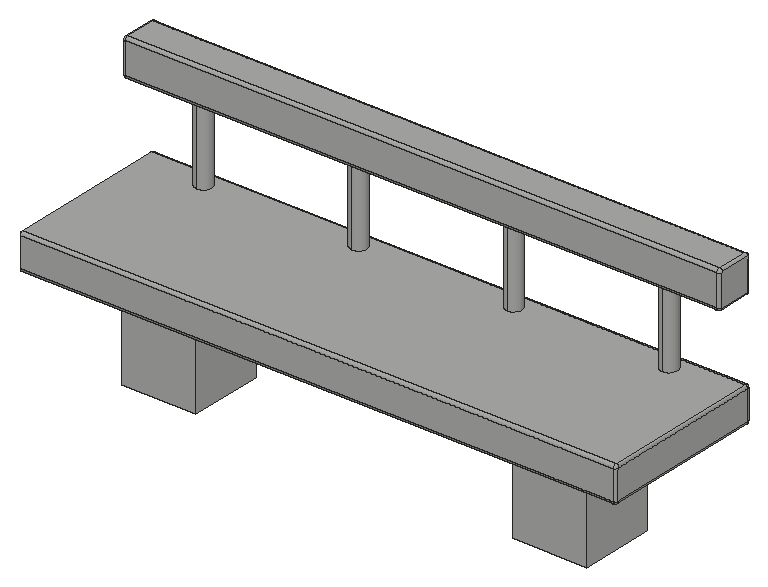
Revit family "Banco Toledo", category Furniture, Revit 2020
Family settings
  OmniClass Number = 23.40.20.00
  OmniClass Title = General Furniture and Specialties
  Work Plane-Based = No
  Always vertical = Yes
  Cut with Voids When Loaded = No
  Shared = No
  Room Calculation Point = No
Parameters (values of type "Banco Toledo-UM370RC-2000mm")
  URL_Producto = "https://www.benito.com/es/mobiliario-urbano/bancos/toledo--UM370.html"
  UM370RC-2000 = yes
  UM370-2000mm = no
  Type Comments = "Anclaje recomendado: Apoyado en el suelo en sus extremos robustos\r\ncon el objetivo de facilitar la limpieza y el mantenimiento."
  Referencia = "UM370RC"
  Material = Hormigón prefabricado
  H1 = 0.450 m
  H = 0.845 m
  Ficha_Tecnica = "https://www.benito.com/es/download/data-sheet-UM370"
  Fabricante = "BENITO URBAN SL"
  Description = "Banco fabricado en hormigón prefabricado armado color blanco granítico"
  Default Elevation = 0.000 m
  B = 0.560 m
  A = 2.000 m
Types (2, lengths in m): name | UM370RC-2000 | UM370-2000mm | Referencia | Material | H1 | H | B
  Banco Toledo-UM370-2000mm | no | yes | "UM370" | none | 0.000 | 0.425 | 0.450
  Banco Toledo-UM370RC-2000mm | yes | no | "UM370RC" | Hormigón prefabricado | 0.450 | 0.845 | 0.560
Reference planes (m)
  plane 1 "Center (Front/Back)": y = 0
  plane 2: z = 0
  plane 3 "Center (Left/Right)": x = 0
Dimensions and locks (m)
  aligned and locked: level to plane 2
Nested families (m)
  nested 1: "UM370" at (0, 0, 0), visible <- "UM370-2000mm", type "UM370"
  nested 2: "UM370RC" at (0, 0, 0), visible <- "UM370RC-2000", type "UM370RC"
Definition of nested family "UM370"
  Parameters (values of type "UM370")
    URL_Producto. = ""
    Referencia = ""
    H1 = 0.000 m
    H = 0.425 m
    Ficha_Tecnica = ""
    Fabricante = ""
    Default Elevation = 0.000 m
    B = 0.450 m
    A = 2.000 m
  Reference planes (m)
    plane 1 "Center (Front/Back)": y = 0
    plane 2: z = 0
    plane 3 "Center (Left/Right)": x = 0
    plane 4: x = -1
    plane 5: x = 1
    plane 6: y = 0.225
    plane 7: y = -0.225
    plane 8: z = 0.425
  Forms (m)
    Extrusion 1, solid
      sketch origin (-1, 0, 0) x (0, 1, 0) y (0, 0, 1)
        loop
          line (0.215, 0.425) -> (-0.215, 0.425)
          arc (-0.215, 0.425) -> (-0.222071, 0.422071) -> (-0.225, 0.415) r 0.01
          line (-0.225, 0.415) -> (-0.225, 0.315)
          arc (-0.225, 0.315) -> (-0.222071, 0.307929) -> (-0.215, 0.305) r 0.01
          line (-0.215, 0.305) -> (0.215, 0.305)
          arc (0.215, 0.305) -> (0.222071, 0.307929) -> (0.225, 0.315) r 0.01
          line (0.225, 0.315) -> (0.225, 0.415)
          arc (0.225, 0.415) -> (0.222071, 0.422071) -> (0.215, 0.425) r 0.01
      from 0 to 2
    Extrusion 2, solid
      sketch origin (0.53, 0, 0) x (0, 1, 0) y (0, 0, 1)
        loop
          line (0.125, 0.305) -> (-0.125, 0.305) -> (-0.125, 0) -> (0.125, 0) -> (0.125, 0.305)
      from 0 to 0.25
    Extrusion 3, solid
      sketch origin (-0.53, 0, 0) x (0, 1, 0) y (0, 0, -1)
        loop
          line (0.125, -0.305) -> (0.125, 0) -> (-0.125, 0) -> (-0.125, -0.305) -> (0.125, -0.305)
      from 0 to 0.25
    Sweep 4, void
      path origin (1, 0, 0) x (0, 1, 0) y (0, 0, 1)
        loop
          arc (0.225, 0.415) -> (0.222071, 0.422071) -> (0.215, 0.425) r 0.01
          line (0.215, 0.425) -> (-0.215, 0.425)
          arc (-0.215, 0.425) -> (-0.222071, 0.422071) -> (-0.225, 0.415) r 0.01
          line (-0.225, 0.415) -> (-0.225, 0.315)
          arc (-0.225, 0.315) -> (-0.222071, 0.307929) -> (-0.215, 0.305) r 0.01
          line (-0.215, 0.305) -> (0.215, 0.305)
          arc (0.215, 0.305) -> (0.222071, 0.307929) -> (0.225, 0.315) r 0.01
          line (0.225, 0.315) -> (0.225, 0.415)
      profile origin (1, 0.222071, 0.422071) x (0, -0.707107, -0.707107) y (1, 0, 0)
        loop
          arc (-0.000195, -0.006883) -> (0.003418, -0.001903) -> (0.009269, 0) r 0.009948
          line (0.009269, 0) -> (-0.000195, 0) -> (-0.000195, -0.006883)
    Sweep 5, void
      path origin (-1, 0, 0) x (0, 1, 0) y (0, 0, -1)
        loop
          line (0.225, -0.415) -> (0.225, -0.315)
          arc (0.225, -0.315) -> (0.222071, -0.307929) -> (0.215, -0.305) r 0.01
          line (0.215, -0.305) -> (-0.215, -0.305)
          arc (-0.215, -0.305) -> (-0.222071, -0.307929) -> (-0.225, -0.315) r 0.01
          line (-0.225, -0.315) -> (-0.225, -0.415)
          arc (-0.225, -0.415) -> (-0.222071, -0.422071) -> (-0.215, -0.425) r 0.01
          line (-0.215, -0.425) -> (0.215, -0.425)
          arc (0.215, -0.425) -> (0.222071, -0.422071) -> (0.225, -0.415) r 0.01
      profile origin (-1, 0.222071, 0.422071) x (0, 0.707107, 0.707107) y (-1, 0, 0)
        loop
          line (0.000195, -0.006883) -> (0.000195, 0) -> (-0.009269, 0)
          arc (-0.009269, 0) -> (-0.003418, -0.001903) -> (0.000195, -0.006883) r 0.009948
  Cuts and joins
    Sweep 4, Sweep 5 cuts Extrusion 1
  Dimensions and locks (m)
    "A": plane 4 to plane 5
    "B": plane 6 to plane 7
    "H": plane 8 to level
    aligned and locked: level to plane 2
  Automatic sketch dimensions
    Extrusion 1 sketch curve to plane 7 = 0.000 m
    Extrusion 1 sketch curve to plane 8 = 0.000 m
    Extrusion 1 sketch curve to plane 6 = 0.000 m
    plane 7 to Extrusion 1 sketch curve = 0.010 m  (x2)
    Extrusion 1 sketch curve to plane 6 = 0.010 m  (x2)
    Extrusion 1 sketch curve to Extrusion 1 sketch curve = 0.100 m
    Extrusion 2 sketch curve to level = 0.000 m
    plane 7 to Extrusion 2 sketch curve = 0.100 m
    Extrusion 2 sketch curve to plane 6 = 0.100 m
    Extrusion 2 sketch curve to plane 8 = 0.120 m
    Extrusion 3 sketch curve to level = 0.000 m
    plane 7 to Extrusion 3 sketch curve = 0.100 m
    Extrusion 3 sketch curve to plane 6 = 0.100 m
    Extrusion 3 sketch curve to plane 8 = 0.120 m
    Sweep 4 sketch curve to plane 7 = 0.000 m
    Sweep 4 sketch curve to plane 8 = 0.000 m
    Sweep 4 sketch curve to plane 6 = 0.000 m
    plane 7 to Sweep 4 sketch curve = 0.010 m  (x2)
    Sweep 4 sketch curve to plane 6 = 0.010 m  (x2)
    Sweep 4 sketch curve to Sweep 4 sketch curve = 0.100 m
    Sweep 4 sketch curve to profile plane = 0.000 m
    profile plane to Sweep 4 sketch curve = 0.000195 m
    Sweep 4 sketch curve to profile plane = 0.009269 m
    Sweep 4 sketch curve to Sweep 4 sketch curve = 0.006883 m
    Sweep 5 sketch curve to plane 7 = 0.000 m
    plane 8 to Sweep 5 sketch curve = 0.000 m
    Sweep 5 sketch curve to plane 6 = 0.000 m
    plane 7 to Sweep 5 sketch curve = 0.010 m  (x2)
    Sweep 5 sketch curve to plane 6 = 0.010 m  (x2)
    Sweep 5 sketch curve to Sweep 5 sketch curve = 0.100 m
    Sweep 5 sketch curve to profile plane = 0.000 m
    profile plane to Sweep 5 sketch curve = 0.009269 m
    Sweep 5 sketch curve to profile plane = 0.000195 m
    Sweep 5 sketch curve to Sweep 5 sketch curve = 0.006883 m
Definition of nested family "UM370RC"
  Parameters (values of type "UM370RC")
    URL Producto = ""
    Referencia = ""
    H1 = 0.450 m
    H = 0.845 m
    Ficha Tecnic = ""
    Fabricante = ""
    Default Elevation = 0.000 m
    B = 0.560 m
    A = 2.000 m
  Reference planes (m)
    plane 1 "Center (Front/Back)": y = 0
    plane 2: z = 0
    plane 3 "Center (Left/Right)": x = 0
    plane 4: x = -1
    plane 5: x = 1
    plane 6: z = 0.45
    plane 7: y = 0.28
    plane 8: y = -0.28
    plane 9: z = 0.845
    plane 10: y = 0.2175
    plane 11: through (0.999805, 0.155, 1.2) normal (-0.7071, 0.7071, 0)
    plane 12: through (-0.999805, 0.155, 1.2) normal (-0.7071, -0.7071, 0)
  Forms (m)
    Extrusion 1, solid
      sketch origin (-1, 0, 0) x (0, 1, 0) y (0, 0, 1)
        loop
          line (0.27, 0.45) -> (-0.27, 0.45)
          arc (-0.27, 0.45) -> (-0.277071, 0.447071) -> (-0.28, 0.44) r 0.01
          line (-0.28, 0.44) -> (-0.28, 0.34)
          arc (-0.28, 0.34) -> (-0.277071, 0.332929) -> (-0.27, 0.33) r 0.01
          line (-0.27, 0.33) -> (0.27, 0.33)
          arc (0.27, 0.33) -> (0.277071, 0.332929) -> (0.28, 0.34) r 0.01
          line (0.28, 0.34) -> (0.28, 0.44)
          arc (0.28, 0.44) -> (0.277071, 0.447071) -> (0.27, 0.45) r 0.01
      from 0 to 2
    Extrusion 2, solid
      sketch origin (0.53, 0, 0) x (0, 1, 0) y (0, 0, 1)
        loop
          line (0.125, 0.33) -> (-0.125, 0.33) -> (-0.125, 0) -> (0.125, 0) -> (0.125, 0.33)
      from 0 to 0.25
    Extrusion 3, solid
      sketch origin (-0.53, 0, 0) x (0, 1, 0) y (0, 0, -1)
        loop
          line (0.125, -0.33) -> (0.125, 0) -> (-0.125, 0) -> (-0.125, -0.33) -> (0.125, -0.33)
      from 0 to 0.25
    Sweep 4, void
      path origin (1, 0, 0) x (0, 1, 0) y (0, 0, 1)
        loop
          arc (0.28, 0.44) -> (0.277071, 0.447071) -> (0.27, 0.45) r 0.01
          line (0.27, 0.45) -> (-0.27, 0.45)
          arc (-0.27, 0.45) -> (-0.277071, 0.447071) -> (-0.28, 0.44) r 0.01
          line (-0.28, 0.44) -> (-0.28, 0.34)
          arc (-0.28, 0.34) -> (-0.277071, 0.332929) -> (-0.27, 0.33) r 0.01
          line (-0.27, 0.33) -> (0.27, 0.33)
          arc (0.27, 0.33) -> (0.277071, 0.332929) -> (0.28, 0.34) r 0.01
          line (0.28, 0.34) -> (0.28, 0.44)
      profile origin (1, 0.277071, 0.447071) x (0, -0.707107, -0.707107) y (1, 0, 0)
        loop
          arc (-0.000195, -0.006883) -> (0.003418, -0.001903) -> (0.009269, 0) r 0.009948
          line (0.009269, 0) -> (-0.000195, 0) -> (-0.000195, -0.006883)
    Sweep 5, void
      path origin (-1, 0, 0) x (0, 1, 0) y (0, 0, -1)
        loop
          line (0.28, -0.44) -> (0.28, -0.34)
          arc (0.28, -0.34) -> (0.277071, -0.332929) -> (0.27, -0.33) r 0.01
          line (0.27, -0.33) -> (-0.27, -0.33)
          arc (-0.27, -0.33) -> (-0.277071, -0.332929) -> (-0.28, -0.34) r 0.01
          line (-0.28, -0.34) -> (-0.28, -0.44)
          arc (-0.28, -0.44) -> (-0.277071, -0.447071) -> (-0.27, -0.45) r 0.01
          line (-0.27, -0.45) -> (0.27, -0.45)
          arc (0.27, -0.45) -> (0.277071, -0.447071) -> (0.28, -0.44) r 0.01
      profile origin (-1, 0.277071, 0.447071) x (0, 0.707107, 0.707107) y (-1, 0, 0)
        loop
          line (0.000195, -0.006883) -> (0.000195, 0) -> (-0.009269, 0)
          arc (-0.009269, 0) -> (-0.003418, -0.001903) -> (0.000195, -0.006883) r 0.009948
    Extrusion 6, solid
      sketch origin (0, 0, 0) x (0, 1, 0) y (0, 0, 1)
        loop
          line (0.27, 0.845) -> (0.165, 0.845)
          arc (0.165, 0.845) -> (0.157929, 0.842071) -> (0.155, 0.835) r 0.01
          line (0.155, 0.835) -> (0.155, 0.73)
          arc (0.155, 0.73) -> (0.157929, 0.722929) -> (0.165, 0.72) r 0.01
          line (0.165, 0.72) -> (0.27, 0.72)
          arc (0.27, 0.72) -> (0.277071, 0.722929) -> (0.28, 0.73) r 0.01
          line (0.28, 0.73) -> (0.28, 0.835)
          arc (0.28, 0.835) -> (0.277071, 0.842071) -> (0.27, 0.845) r 0.01
      from -1 to 1
    Revolve 7, solid
      sketch origin (-0.78, 0.006961, 0) x (0, 1, 0) y (0, 0, 1)
        loop
          line (0.210539, 0.72) -> (0.210539, 0.45) -> (0.237826, 0.45) -> (0.237826, 0.72) -> (0.210539, 0.72)
        axis (0.210539, 0.72) -> (0.210539, 0.45)
      angle from 0 to 360
    Revolve 8, solid
      sketch origin (-0.26, 0.006961, 0) x (0, 1, 0) y (0, 0, 1)
        loop
          line (0.210539, 0.72) -> (0.210539, 0.45) -> (0.237826, 0.45) -> (0.237826, 0.72) -> (0.210539, 0.72)
        axis (0.210539, 0.72) -> (0.210539, 0.45)
      angle from 0 to 360
    Revolve 9, solid
      sketch origin (0.26, 0.006961, 0) x (0, 1, 0) y (0, 0, 1)
        loop
          line (0.210539, 0.72) -> (0.210539, 0.45) -> (0.237826, 0.45) -> (0.237826, 0.72) -> (0.210539, 0.72)
        axis (0.210539, 0.72) -> (0.210539, 0.45)
      angle from 0 to 360
    Revolve 10, solid
      sketch origin (0.78, 0.006961, 0) x (0, 1, 0) y (0, 0, 1)
        loop
          line (0.210539, 0.72) -> (0.210539, 0.45) -> (0.237826, 0.45) -> (0.237826, 0.72) -> (0.210539, 0.72)
        axis (0.210539, 0.72) -> (0.210539, 0.45)
      angle from 0 to 360
    Sweep 11, void
      path origin (0.999805, -0.19, 0.32909) x (0, 1, 0) y (0, 0, -1)
        loop
          line (0.345, -0.40091) -> (0.345, -0.50591)
          arc (0.345, -0.50591) -> (0.347929, -0.512981) -> (0.355, -0.51591) r 0.01
          line (0.355, -0.51591) -> (0.46, -0.51591)
          arc (0.46, -0.51591) -> (0.467071, -0.512981) -> (0.47, -0.50591) r 0.01
          line (0.47, -0.50591) -> (0.47, -0.40091)
          arc (0.47, -0.40091) -> (0.467071, -0.393839) -> (0.46, -0.39091) r 0.01
          line (0.46, -0.39091) -> (0.355, -0.39091)
          arc (0.355, -0.39091) -> (0.347929, -0.393839) -> (0.345, -0.40091) r 0.01
      profile origin (0.999805, 0.155, 0.7825) x (0, 1, 0) y (-1, 0, 0)
        loop
          arc (0.006883, -0.000195) -> (0.001903, 0.003418) -> (0, 0.009269) r 0.009948
          line (0, 0.009269) -> (0, -0.000195) -> (0.006883, -0.000195)
    Sweep 12, void
      path origin (-0.999805, -0.19, 0.32909) x (0, 1, 0) y (0, 0, 1)
        loop
          arc (0.345, 0.40091) -> (0.347929, 0.393839) -> (0.355, 0.39091) r 0.01
          line (0.355, 0.39091) -> (0.46, 0.39091)
          arc (0.46, 0.39091) -> (0.467071, 0.393839) -> (0.47, 0.40091) r 0.01
          line (0.47, 0.40091) -> (0.47, 0.50591)
          arc (0.47, 0.50591) -> (0.467071, 0.512981) -> (0.46, 0.51591) r 0.01
          line (0.46, 0.51591) -> (0.355, 0.51591)
          arc (0.355, 0.51591) -> (0.347929, 0.512981) -> (0.345, 0.50591) r 0.01
          line (0.345, 0.50591) -> (0.345, 0.40091)
      profile origin (-0.999805, 0.155, 0.7825) x (0, -1, 0) y (1, 0, 0)
        loop
          line (-0.006883, -0.000195) -> (0, -0.000195) -> (0, 0.009269)
          arc (0, 0.009269) -> (-0.001903, 0.003418) -> (-0.006883, -0.000195) r 0.009948
  Cuts and joins
    Sweep 4, Sweep 5 cuts Extrusion 1
    Sweep 11, Sweep 12 cuts Extrusion 6
  Dimensions and locks (m)
    "A": plane 4 to plane 5
    "B": plane 7 to plane 8
    "H1": plane 6 to level
    "H": plane 9 to level
    aligned and locked: level to plane 2
  Automatic sketch dimensions
    Extrusion 1 sketch curve to plane 8 = 0.000 m
    Extrusion 1 sketch curve to plane 6 = 0.000 m
    Extrusion 1 sketch curve to plane 7 = 0.000 m
    plane 8 to Extrusion 1 sketch curve = 0.010 m  (x2)
    Extrusion 1 sketch curve to Extrusion 1 sketch curve = 0.010 m  (x2)
    Extrusion 1 sketch curve to Extrusion 1 sketch curve = 0.100 m
    Extrusion 2 sketch curve to level = 0.000 m
    plane 1 "Center (Front/Back)" to Extrusion 2 sketch curve = 0.125 m
    plane 10 to Extrusion 2 sketch curve = 0.0925 m
    Extrusion 2 sketch curve to plane 6 = 0.120 m
    Extrusion 3 sketch curve to level = 0.000 m
    plane 1 "Center (Front/Back)" to Extrusion 3 sketch curve = 0.125 m
    plane 10 to Extrusion 3 sketch curve = 0.0925 m
    Extrusion 3 sketch curve to plane 6 = 0.120 m
    Sweep 4 sketch curve to plane 8 = 0.000 m
    Sweep 4 sketch curve to plane 6 = 0.000 m
    Sweep 4 sketch curve to plane 7 = 0.000 m
    Sweep 4 sketch curve to Sweep 4 sketch curve = 0.010 m  (x2)
    plane 7 to Sweep 4 sketch curve = 0.010 m  (x2)
    Sweep 4 sketch curve to Sweep 4 sketch curve = 0.100 m
    Sweep 4 sketch curve to profile plane = 0.000 m
    profile plane to Sweep 4 sketch curve = 0.000195 m
    Sweep 4 sketch curve to profile plane = 0.009269 m
    Sweep 4 sketch curve to Sweep 4 sketch curve = 0.006883 m
    Sweep 5 sketch curve to plane 8 = 0.000 m
    plane 6 to Sweep 5 sketch curve = 0.000 m
    Sweep 5 sketch curve to plane 7 = 0.000 m
    Sweep 5 sketch curve to Sweep 5 sketch curve = 0.010 m  (x2)
    plane 7 to Sweep 5 sketch curve = 0.010 m  (x2)
    Sweep 5 sketch curve to Sweep 5 sketch curve = 0.100 m
    Sweep 5 sketch curve to profile plane = 0.000 m
    profile plane to Sweep 5 sketch curve = 0.009269 m
    Sweep 5 sketch curve to profile plane = 0.000195 m
    Sweep 5 sketch curve to Sweep 5 sketch curve = 0.006883 m
    Extrusion 6 sketch curve to plane 9 = 0.000 m
    Extrusion 6 sketch curve to plane 7 = 0.000 m
    plane 7 to Extrusion 6 sketch curve = 0.010 m  (x2)
    plane 10 to Extrusion 6 sketch curve = 0.0525 m  (x2)
    Extrusion 6 sketch curve to plane 9 = 0.010 m
    Extrusion 6 sketch curve to Extrusion 6 sketch curve = 0.105 m
    Revolve 7 sketch curve to plane 10 = 0.000 m  (x2)
    plane 6 to Revolve 7 sketch curve = 0.000 m
    Revolve 7 sketch curve to plane 10 = 0.027286 m
    Revolve 7 sketch curve to plane 9 = 0.125 m
    Revolve 7 sketch curve to Revolve 7 sketch curve = 0.075 m
    Revolve 7 sketch curve to Revolve 7 sketch curve = 0.035 m
    Revolve 8 sketch curve to plane 10 = 0.000 m  (x2)
    plane 6 to Revolve 8 sketch curve = 0.000 m
    Revolve 8 sketch curve to plane 10 = 0.027286 m
    Revolve 8 sketch curve to plane 9 = 0.125 m
    Revolve 8 sketch curve to Revolve 8 sketch curve = 0.075 m
    Revolve 8 sketch curve to Revolve 8 sketch curve = 0.035 m
    Revolve 9 sketch curve to plane 10 = 0.000 m  (x2)
    plane 6 to Revolve 9 sketch curve = 0.000 m
    Revolve 9 sketch curve to plane 10 = 0.027286 m
    Revolve 9 sketch curve to plane 9 = 0.125 m
    Revolve 9 sketch curve to Revolve 9 sketch curve = 0.075 m
    Revolve 9 sketch curve to Revolve 9 sketch curve = 0.035 m
    Revolve 10 sketch curve to plane 10 = 0.000 m  (x2)
    plane 6 to Revolve 10 sketch curve = 0.000 m
    Revolve 10 sketch curve to plane 10 = 0.027286 m
    Revolve 10 sketch curve to plane 9 = 0.125 m
    Revolve 10 sketch curve to Revolve 10 sketch curve = 0.075 m
    Revolve 10 sketch curve to Revolve 10 sketch curve = 0.035 m
    Sweep 11 sketch curve to plane 9 = 0.000 m
    Sweep 11 sketch curve to plane 7 = 0.000 m
    plane 7 to Sweep 11 sketch curve = 0.010 m  (x2)
    plane 10 to Sweep 11 sketch curve = 0.0525 m  (x2)
    Sweep 11 sketch curve to plane 9 = 0.010 m
    Sweep 11 sketch curve to Sweep 11 sketch curve = 0.105 m
    profile plane to Sweep 11 sketch curve = 0.000 m
    Sweep 11 sketch curve to profile plane = 0.000195 m
    Sweep 11 sketch curve to profile plane = 0.006883 m
    profile plane to Sweep 11 sketch curve = 0.009269 m
    Sweep 12 sketch curve to plane 9 = 0.000 m
    Sweep 12 sketch curve to plane 7 = 0.000 m
    plane 7 to Sweep 12 sketch curve = 0.010 m  (x2)
    plane 10 to Sweep 12 sketch curve = 0.0525 m  (x2)
    Sweep 12 sketch curve to plane 9 = 0.010 m
    Sweep 12 sketch curve to Sweep 12 sketch curve = 0.105 m
    Sweep 12 sketch curve to profile plane = 0.000 m
    Sweep 12 sketch curve to profile plane = 0.000195 m
    Sweep 12 sketch curve to Sweep 12 sketch curve = 0.006883 m
    profile plane to Sweep 12 sketch curve = 0.009269 m
